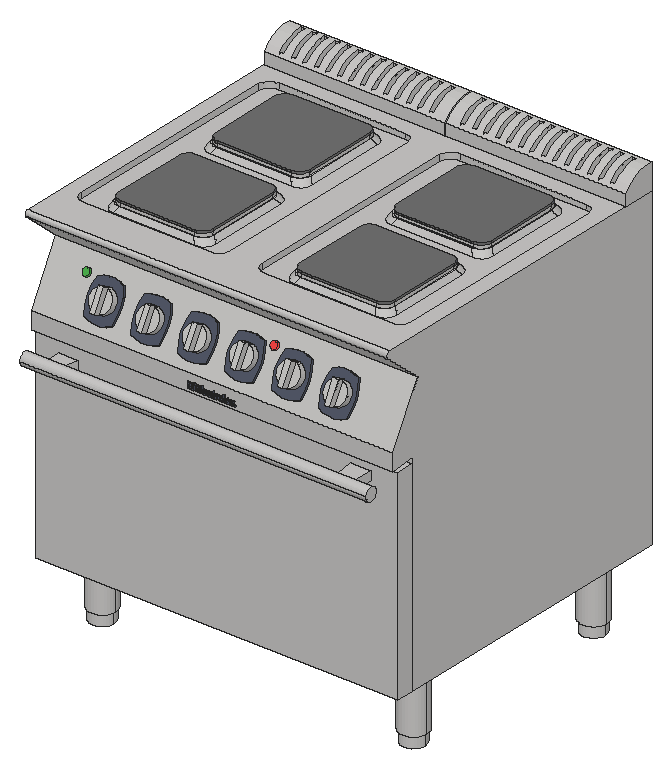
Revit family "QF_ELECTROLUXPROFESSIONAL_371150_E7ECMH4QE5", category Specialty Equipment, Revit 2018 (continued)
Automatic sketch dimensions
  Extrusion 10 sketch curve to Extrusion 10 sketch curve = 0.191 mm
  Extrusion 10 sketch curve to Extrusion 10 sketch curve = 3.696 mm
  Extrusion 10 sketch curve to Extrusion 10 sketch curve = 2.708 mm
  Extrusion 10 sketch curve to Extrusion 10 sketch curve = 3.333 mm
  Extrusion 10 sketch curve to Extrusion 10 sketch curve = 0.332 mm
  Extrusion 10 sketch curve to Extrusion 10 sketch curve = 1.087 mm
  Extrusion 10 sketch curve to Extrusion 10 sketch curve = 2.23 mm
  Extrusion 10 sketch curve to Extrusion 10 sketch curve = 2.757 mm
  Extrusion 10 sketch curve to Extrusion 10 sketch curve = 0.987 mm
  Extrusion 10 sketch curve to Extrusion 10 sketch curve = 1.529 mm
  Extrusion 10 sketch curve to Extrusion 10 sketch curve = 1.796 mm
  Extrusion 10 sketch curve to Extrusion 10 sketch curve = 2.859 mm
  Extrusion 10 sketch curve to Extrusion 10 sketch curve = 0.853 mm
  Extrusion 10 sketch curve to Extrusion 10 sketch curve = 1.241 mm
  Extrusion 10 sketch curve to Extrusion 10 sketch curve = 2.046 mm  (x2)
  Extrusion 10 sketch curve to Extrusion 10 sketch curve = 2.422 mm
  Extrusion 10 sketch curve to Extrusion 10 sketch curve = 0.27 mm  (x2)
  Extrusion 10 sketch curve to Extrusion 10 sketch curve = 0.69 mm
  Extrusion 10 sketch curve to Extrusion 10 sketch curve = 0.781 mm  (x2)
  Extrusion 10 sketch curve to Extrusion 10 sketch curve = 3.136 mm
  Extrusion 10 sketch curve to Extrusion 10 sketch curve = 1.767 mm
  Extrusion 10 sketch curve to Extrusion 10 sketch curve = 0.138 mm
  Extrusion 10 sketch curve to Extrusion 10 sketch curve = 0.777 mm
  Extrusion 10 sketch curve to Extrusion 10 sketch curve = 1.19 mm
  Extrusion 10 sketch curve to Extrusion 10 sketch curve = 0.782 mm
  Extrusion 10 sketch curve to Extrusion 10 sketch curve = 1.268 mm
  Extrusion 10 sketch curve to Extrusion 10 sketch curve = 0.422 mm  (x2)
  Extrusion 10 sketch curve to Extrusion 10 sketch curve = 1.559 mm
  Extrusion 10 sketch curve to Extrusion 10 sketch curve = 3.927 mm
  Extrusion 10 sketch curve to Extrusion 10 sketch curve = 0.983 mm
  Extrusion 10 sketch curve to Extrusion 10 sketch curve = 1.134 mm
  Extrusion 10 sketch curve to Extrusion 10 sketch curve = 0.094 mm
  Extrusion 10 sketch curve to Extrusion 10 sketch curve = 1.584 mm
  Extrusion 10 sketch curve to plane 7 "Center Y" = 1.327 mm
  Extrusion 10 sketch curve to Extrusion 10 sketch curve = 0.643 mm
  Extrusion 10 sketch curve to Extrusion 10 sketch curve = 0.916 mm
  Extrusion 10 sketch curve to Extrusion 10 sketch curve = 0.352 mm
  Extrusion 10 sketch curve to Extrusion 10 sketch curve = 0.458 mm
  Extrusion 10 sketch curve to Extrusion 10 sketch curve = 1.282 mm
  Extrusion 10 sketch curve to Extrusion 10 sketch curve = 1.363 mm
  Extrusion 10 sketch curve to Extrusion 10 sketch curve = 0.685 mm
  Extrusion 10 sketch curve to Extrusion 10 sketch curve = 0.905 mm
  Extrusion 10 sketch curve to Extrusion 10 sketch curve = 2.865 mm
  Extrusion 10 sketch curve to Extrusion 10 sketch curve = 0.472 mm
  Extrusion 10 sketch curve to Extrusion 10 sketch curve = 0.101 mm
  Extrusion 10 sketch curve to Extrusion 10 sketch curve = 0.54 mm
  Extrusion 10 sketch curve to Extrusion 10 sketch curve = 0.02 mm
  Extrusion 10 sketch curve to Extrusion 10 sketch curve = 0.468 mm
  Extrusion 10 sketch curve to Extrusion 10 sketch curve = 0.829 mm
  Extrusion 10 sketch curve to Extrusion 10 sketch curve = 0.582 mm
  Extrusion 10 sketch curve to Extrusion 10 sketch curve = 0.166 mm
  Extrusion 10 sketch curve to Extrusion 10 sketch curve = 0.16 mm
  Extrusion 10 sketch curve to Extrusion 10 sketch curve = 2.781 mm
  Extrusion 10 sketch curve to Extrusion 10 sketch curve = 1.118 mm
  Extrusion 10 sketch curve to Extrusion 10 sketch curve = 0.613 mm
  Extrusion 10 sketch curve to Extrusion 10 sketch curve = 0.361 mm
  Extrusion 10 sketch curve to Extrusion 10 sketch curve = 0.897 mm
  Extrusion 10 sketch curve to Extrusion 10 sketch curve = 0.167 mm
  Extrusion 10 sketch curve to Extrusion 10 sketch curve = 0.292 mm
  Extrusion 10 sketch curve to Extrusion 10 sketch curve = 0.305 mm
  Extrusion 10 sketch curve to Extrusion 10 sketch curve = 1.557 mm
  Extrusion 10 sketch curve to Extrusion 10 sketch curve = 2.499 mm
  Extrusion 10 sketch curve to Extrusion 10 sketch curve = 3.062 mm
  Extrusion 10 sketch curve to Extrusion 10 sketch curve = 2.968 mm
  Extrusion 10 sketch curve to Extrusion 10 sketch curve = 5.044 mm
  Extrusion 10 sketch curve to Extrusion 10 sketch curve = 0.629 mm  (x2)
  Extrusion 10 sketch curve to Extrusion 10 sketch curve = 1.131 mm
  Extrusion 10 sketch curve to Extrusion 10 sketch curve = 0.027 mm
  Extrusion 10 sketch curve to Extrusion 10 sketch curve = 2.235 mm
  Extrusion 1 sketch curve to plane 5 "FRONT" = 83.331 mm
  Extrusion 16 sketch curve to plane 10 = 0 mm
  Extrusion 16 sketch curve to plane 5 "FRONT" = 30.162 mm
  plane 10 to Extrusion 16 sketch curve = 1.281 mm
  plane 5 "FRONT" to Extrusion 16 sketch curve = 379.413 mm
  Extrusion 1 sketch curve to Extrusion 1 sketch curve = 159.719 mm
  Extrusion 1 sketch curve to Extrusion 1 sketch curve = 5.61 mm
  Extrusion 8 sketch curve to plane 9 "TOP A" = 276.291 mm
  plane 7 "Center Y" to Extrusion 10 sketch curve = 19.326 mm
  Extrusion 10 sketch curve to plane 9 "TOP A" = 240.749 mm
  Extrusion 10 sketch curve to Extrusion 10 sketch curve = 0.019 mm
  Extrusion 10 sketch curve to Extrusion 10 sketch curve = 4.098 mm
  Extrusion 16 sketch curve to Extrusion 16 sketch curve = 42.109 mm
  plane 5 "FRONT" to Extrusion 2 sketch curve = 0 mm  (x2)
  plane 1 "BACK" to Extrusion 2 sketch curve = 0 mm
  Extrusion 2 sketch curve to plane 3 "LEFT" = 0 mm
  Extrusion 2 sketch curve to plane 4 "RIGHT" = 0 mm
  Extrusion 2 sketch curve to plane 3 "LEFT" = 150.019 mm
  plane 4 "RIGHT" to Extrusion 2 sketch curve = 150.019 mm
  Extrusion 2 sketch curve to plane 1 "BACK" = 150.019 mm
  curve 6 to plane 4 "RIGHT" = 0 mm
  plane 5 "FRONT" to curve 20 = 0 mm
  curve 38 to plane 7 "Center Y" = 0 mm
  curve 16 to plane 7 "Center Y" = 0 mm
  curve 11 to plane 3 "LEFT" = 0 mm
  curve 7 to plane 3 "LEFT" = 0 mm
  plane 1 "BACK" to curve 6 = 0 mm
  plane 4 "RIGHT" to curve 3 = 150.019 mm
  plane 5 "FRONT" to curve 17 = 8.513 mm
  curve 17 to plane 4 "RIGHT" = 17.7 mm
  plane 1 "BACK" to curve 96 = 6.761 mm
  curve 96 to plane 4 "RIGHT" = 29.703 mm
  curve 32 to plane 4 "RIGHT" = 35.025 mm
  curve 95 to curve 95 = 9.296 mm
  plane 1 "BACK" to curve 99 = 6.761 mm
  curve 95 to curve 99 = 16.193 mm
  curve 33 to curve 33 = 25.4 mm
  curve 31 to curve 30 = 25.4 mm
  curve 15 to curve 20 = 43.281 mm
  curve 100 to curve 101 = 9.296 mm
  curve 101 to curve 105 = 16.193 mm
  curve 104 to curve 105 = 9.296 mm
  curve 20 to curve 21 = 36.854 mm
  curve 21 to curve 21 = 1.571 mm
  plane 1 "BACK" to curve 107 = 6.761 mm
  curve 103 to curve 107 = 16.193 mm
  curve 108 to curve 109 = 9.296 mm
  plane 1 "BACK" to curve 111 = 6.761 mm
  curve 107 to curve 111 = 16.193 mm
  curve 111 to curve 114 = 9.296 mm
  plane 1 "BACK" to curve 115 = 6.761 mm
  curve 111 to curve 115 = 16.193 mm
  curve 115 to curve 115 = 9.296 mm
  plane 1 "BACK" to curve 119 = 6.761 mm
  curve 115 to curve 119 = 16.193 mm
  curve 119 to curve 119 = 9.296 mm
  plane 1 "BACK" to curve 123 = 6.761 mm
  curve 119 to curve 123 = 16.193 mm
  curve 123 to curve 123 = 9.296 mm
  curve 125 to curve 128 = 16.193 mm
  curve 128 to curve 129 = 9.296 mm
  curve 129 to curve 133 = 16.193 mm
  curve 132 to curve 133 = 9.296 mm
  plane 1 "BACK" to curve 135 = 6.761 mm
  curve 131 to curve 135 = 16.193 mm
  curve 135 to curve 138 = 9.296 mm
  curve 137 to curve 141 = 16.193 mm
  curve 140 to curve 141 = 9.296 mm
  curve 141 to curve 144 = 16.193 mm
  curve 144 to curve 37 = 4.062 mm
  plane 7 "Center Y" to curve 34 = 60.425 mm
  curve 143 to curve 143 = 9.296 mm
  plane 1 "BACK" to curve 147 = 6.761 mm
  curve 143 to curve 147 = 16.193 mm
  curve 35 to curve 35 = 25.4 mm
  curve 148 to curve 150 = 9.296 mm
  plane 1 "BACK" to curve 91 = 6.761 mm
  curve 91 to plane 7 "Center Y" = 29.703 mm
  curve 24 to plane 7 "Center Y" = 35.025 mm
  curve 91 to curve 91 = 9.296 mm
  plane 1 "BACK" to curve 90 = 6.761 mm
  curve 91 to curve 90 = 16.193 mm
  curve 23 to curve 23 = 25.4 mm
  curve 25 to curve 25 = 25.4 mm
  curve 89 to curve 89 = 9.296 mm
  plane 1 "BACK" to curve 83 = 6.761 mm
  curve 87 to curve 83 = 16.193 mm
  curve 85 to curve 85 = 9.296 mm
  plane 1 "BACK" to curve 79 = 6.761 mm
  curve 83 to curve 79 = 16.193 mm
  curve 79 to curve 80 = 9.296 mm
  plane 1 "BACK" to curve 78 = 6.761 mm
  curve 79 to curve 78 = 16.193 mm
  curve 75 to curve 76 = 9.296 mm
  curve 76 to curve 73 = 16.193 mm
  curve 71 to curve 72 = 9.296 mm
  curve 72 to curve 70 = 16.193 mm
  curve 69 to curve 68 = 9.296 mm
  curve 68 to curve 66 = 16.193 mm
  curve 65 to curve 64 = 9.296 mm
  curve 64 to curve 62 = 16.193 mm
  curve 61 to curve 60 = 9.296 mm
  plane 1 "BACK" to curve 58 = 6.761 mm
  curve 59 to curve 58 = 16.193 mm
  curve 57 to curve 56 = 9.296 mm
  plane 1 "BACK" to curve 54 = 6.761 mm
  curve 55 to curve 54 = 16.193 mm
  curve 53 to curve 52 = 9.296 mm
  curve 19 to curve 5 = 99.406 mm
  curve 19 to curve 19 = 1.571 mm
  plane 1 "BACK" to curve 50 = 6.761 mm
  curve 51 to curve 50 = 16.193 mm
  curve 47 to curve 47 = 9.296 mm
  curve 48 to curve 46 = 16.193 mm
  curve 19 to curve 18 = 36.854 mm
  curve 45 to curve 29 = 4.062 mm
  plane 3 "LEFT" to curve 26 = 60.425 mm
  curve 45 to curve 44 = 9.296 mm
  curve 44 to curve 41 = 16.193 mm
  curve 27 to curve 27 = 25.4 mm
  curve 41 to curve 41 = 9.296 mm
  plane 3 "LEFT" to curve 17 = 17.7 mm
  plane 5 "FRONT" to curve 1 = 1.377 mm
  curve 1 to plane 3 "LEFT" = 150.019 mm
  curve 1 to plane 1 "BACK" = 150.019 mm
  plane 1 "BACK" to curve 146 = 6.761 mm
  plane 1 "BACK" to curve 142 = 6.761 mm
  plane 1 "BACK" to curve 134 = 6.761 mm
  plane 1 "BACK" to curve 130 = 6.761 mm
  plane 1 "BACK" to curve 106 = 6.761 mm
  plane 1 "BACK" to curve 39 = 6.761 mm
  plane 1 "BACK" to curve 74 = 6.761 mm
  plane 1 "BACK" to curve 43 = 6.761 mm
  plane 1 "BACK" to curve 70 = 6.761 mm
  plane 1 "BACK" to curve 66 = 6.761 mm
  plane 1 "BACK" to curve 62 = 6.761 mm
  curve 38 to curve 16 = 63.012 mm
  curve 4 to curve 7 = 63.012 mm
  curve 55 to curve 58 = 57.15 mm
  curve 54 to curve 56 = 0 mm
  curve 57 to curve 60 = 0 mm
  curve 50 to curve 52 = 0 mm
  curve 61 to curve 64 = 0 mm
  curve 46 to curve 48 = 0 mm
  curve 65 to curve 68 = 0 mm
  curve 42 to curve 44 = 0 mm
  curve 69 to curve 72 = 0 mm
  curve 16 to curve 149 = 0.898 mm
  curve 73 to curve 76 = 0 mm
  curve 148 to curve 146 = 0 mm
  curve 77 to curve 80 = 0 mm
  curve 144 to curve 142 = 0 mm
  curve 81 to curve 84 = 0 mm
  curve 140 to curve 138 = 0 mm
  curve 85 to curve 88 = 0 mm
  curve 136 to curve 134 = 0 mm
  curve 89 to curve 92 = 0 mm
  curve 132 to curve 130 = 0 mm
  curve 95 to curve 96 = 57.15 mm
  curve 100 to curve 97 = 0 mm
  curve 128 to curve 126 = 0 mm
  curve 104 to curve 101 = 0 mm
  curve 124 to curve 122 = 0 mm
  curve 108 to curve 105 = 0 mm
  curve 120 to curve 118 = 0 mm
  curve 112 to curve 109 = 0 mm
  curve 96 to curve 9 = 5.939 mm
  curve 7 to curve 9 = 0 mm
  curve 144 to curve 30 = 40.974 mm
  curve 45 to curve 22 = 40.974 mm
  curve 28 to plane 5 "FRONT" = 110.765 mm
  curve 24 to curve 36 = 0 mm
  plane 5 "FRONT" to curve 3 = 1.377 mm
  curve 15 to curve 15 = 28 mm
  curve 14 to curve 11 = 342.9 mm
  Revolve 4 sketch curve to level = 0 mm
  Revolve 4 sketch curve to plane 10 = 0 mm  (x2)
  level to Revolve 4 sketch curve = 25 mm
  Revolve 4 sketch curve to Revolve 4 sketch curve = 20 mm
  Revolve 4 sketch curve to plane 4 "RIGHT" = 26 mm
  Revolve 4 sketch curve to Revolve 4 sketch curve = 3.75 mm
  Revolve 4 sketch curve to Revolve 4 sketch curve = 30 mm
  Revolve 4 sketch curve to Revolve 4 sketch curve = 0 mm
  Revolve 6 sketch curve to level = 0 mm
  Revolve 6 sketch curve to plane 10 = 0 mm  (x2)
  level to Revolve 6 sketch curve = 25 mm
  plane 10 to Revolve 6 sketch curve = 20 mm
  Revolve 6 sketch curve to plane 4 "RIGHT" = 26 mm
  Revolve 6 sketch curve to Revolve 6 sketch curve = 3.75 mm
  Revolve 6 sketch curve to Revolve 6 sketch curve = 30 mm
  Revolve 6 sketch curve to Revolve 6 sketch curve = 0 mm
  Extrusion 9 sketch curve to plane 5 "FRONT" = 30.162 mm
  Extrusion 9 sketch curve to plane 4 "RIGHT" = 60.981 mm
  Extrusion 9 sketch curve to Extrusion 9 sketch curve = 33.993 mm
  Extrusion 9 sketch curve to Extrusion 9 sketch curve = 43.993 mm
  Extrusion 9 sketch curve to plane 5 "FRONT" = 17.462 mm
  plane 3 "LEFT" to Extrusion 9 sketch curve = 102.63 mm
  Extrusion 9 sketch curve to Extrusion 9 sketch curve = 7.656 mm
  Extrusion 9 sketch curve to Extrusion 9 sketch curve = 41.649 mm
  plane 5 "FRONT" to Extrusion 9 sketch curve = 24.013 mm  (x2)
  Extrusion 1 to Extrusion 11 sketch curve = 0 mm
  Extrusion 11 sketch curve to Extrusion 1 = 0 mm  (x2)
  Extrusion 1 to Extrusion 11 sketch curve = 12.7 mm
  Extrusion 1 to Extrusion 15 sketch curve = 40.417 mm
  Extrusion 1 to Extrusion 15 sketch curve = 85.751 mm
  Extrusion 32 sketch curve to plane 9 "TOP A" = 0 mm
  Extrusion 32 sketch curve to plane 1 "BACK" = 0 mm
  Extrusion 32 sketch curve to plane 6 "TOP" = 0 mm
  plane 1 "BACK" to Extrusion 32 sketch curve = 4.947 mm
  plane 9 "TOP A" to Extrusion 32 sketch curve = 25.4 mm
  plane 1 "BACK" to Extrusion 32 sketch curve = 69.85 mm
  Extrusion 1 to Extrusion 33 sketch curve = 6.761 mm  (x14)
  Extrusion 33 sketch curve to Extrusion 33 sketch curve = 57.15 mm
  Extrusion 33 sketch curve to Extrusion 33 sketch curve = 0 mm  (x13)
  Extrusion 1 to Extrusion 33 sketch curve = 29.703 mm
  Extrusion 33 sketch curve to Extrusion 33 sketch curve = 9.296 mm  (x14)
  Extrusion 33 sketch curve to Extrusion 33 sketch curve = 16.193 mm  (x13)
  Extrusion 1 to Extrusion 34 sketch curve = 35.025 mm
  Extrusion 34 sketch curve to Extrusion 34 sketch curve = 25.4 mm  (x6)
  Extrusion 34 sketch curve to Extrusion 34 sketch curve = 279.2 mm  (x2)
  Extrusion 34 sketch curve to Extrusion 1 = 103.443 mm
  Extrusion 34 sketch curve to Extrusion 34 sketch curve = 70.05 mm
  Extrusion 1 to Extrusion 34 sketch curve = 60.425 mm  (x2)
  Extrusion 34 sketch curve to Extrusion 1 = 78.043 mm
  Extrusion 1 to Extrusion 34 sketch curve = 130.285 mm
  Extrusion 34 sketch curve to Extrusion 34 sketch curve = 0 mm
  Extrusion 35 sketch curve to plane 9 "TOP A" = 0 mm
  Extrusion 35 sketch curve to plane 1 "BACK" = 0 mm
  Extrusion 35 sketch curve to plane 6 "TOP" = 0 mm
  plane 1 "BACK" to Extrusion 35 sketch curve = 4.947 mm
  plane 9 "TOP A" to Extrusion 35 sketch curve = 25.4 mm
  plane 1 "BACK" to Extrusion 35 sketch curve = 69.85 mm
  Extrusion 1 to Extrusion 36 sketch curve = 6.761 mm  (x14)
  Extrusion 36 sketch curve to Extrusion 36 sketch curve = 57.15 mm
  Extrusion 36 sketch curve to Extrusion 36 sketch curve = 0 mm  (x13)
  Extrusion 1 to Extrusion 36 sketch curve = 370.347 mm
  Extrusion 36 sketch curve to Extrusion 36 sketch curve = 9.296 mm  (x14)
  Extrusion 36 sketch curve to Extrusion 36 sketch curve = 16.193 mm  (x13)
  Extrusion 1 to Extrusion 37 sketch curve = 40.417 mm
  Extrusion 1 to Extrusion 37 sketch curve = 298.99 mm
  radius of Extrusion 13 sketch curve = 25.4 mm
  radius of Extrusion 14 sketch curve to Extrusion 13 = 0 mm  (x2)
  radius of Extrusion 18 sketch curve = 25.4 mm
  radius of Extrusion 19 sketch curve to Extrusion 18 = 0 mm  (x2)
  radius of Extrusion 21 sketch curve = 25.4 mm
  radius of Extrusion 22 sketch curve to Extrusion 21 = 0 mm  (x2)
  radius of Extrusion 24 sketch curve = 25.4 mm
  radius of Extrusion 25 sketch curve to Extrusion 24 = 0 mm  (x2)
  radius of Extrusion 27 sketch curve = 25.4 mm
  radius of Extrusion 28 sketch curve to Extrusion 27 = 0 mm  (x2)
  radius of Extrusion 30 sketch curve = 25.4 mm
  radius of Extrusion 31 sketch curve to Extrusion 30 = 0 mm  (x2)
  radius of Extrusion 8 sketch curve = 14 mm
  radius of Extrusion 7 sketch curve = 12.7 mm
  radius of Extrusion 15 sketch curve = 8 mm
  radius of Extrusion 37 sketch curve = 8 mm
Nested families
  nested 1: "371018_QF_Electrolux_HOT PLATES" at (85.025, -126.398, 838.3), type "371018_QF_Electrolux_HOT PLATES"
    with Type Mark "", Specification by User "", Revision Code "", Item Number "", Installed By "", Identify Quantity as Lot yes, Furnished By "", Foodservice Equipment Identifier yes
  nested 2: "371018_QF_Electrolux_HOT PLATES" at (85.025, -623.372, 838.3), type "371018_QF_Electrolux_HOT PLATES"
    with Type Mark "", Specification by User "", Revision Code "", Item Number "", Installed By "", Identify Quantity as Lot yes, Furnished By "", Foodservice Equipment Identifier yes
  nested 3: "371018_QF_Electrolux_HOT PLATES" at (715.075, -126.398, 838.3) x (-1, 0, 0) z (0, 0, 1), type "371018_QF_Electrolux_HOT PLATES"
    with Type Mark "", Specification by User "", Revision Code "", Item Number "", Installed By "", Identify Quantity as Lot yes, Furnished By "", Foodservice Equipment Identifier yes
  nested 4: "371018_QF_Electrolux_HOT PLATES" at (715.075, -623.372, 838.3) x (-1, 0, 0) z (0, 0, 1), type "371018_QF_Electrolux_HOT PLATES"
    with Type Mark "", Specification by User "", Revision Code "", Item Number "", Installed By "", Identify Quantity as Lot yes, Furnished By "", Foodservice Equipment Identifier yes
Connectors
  electrical at (752.475, -512.762, 150), driven by "Volts"
    settings: on Extrusion 7, index 1, voltage 400 V, apparent load 16400 VA, apparent load phase1 0 VA, apparent load phase2 0 VA, apparent load phase3 0 VA, power factor 1, load classification "Other", number of poles 1, system type 30, power factor state 1, is connector primary yes, connector utility no, sub classification motor no, connector description "Electrical Connection"
Definition of nested family "371018_QF_Electrolux_HOT PLATES"
  Parameters
    Width = 230 mm  # constant formula
    Weight in Pounds = 0
    URL Cutsheet = ""
    URL = ""
    Type Mark [instance] = ""
    Specification by User [instance] = ""
    Specification by Manufacturer = ""
    Serial Number = ""
    Seismic Rating = ""
    SMACNA No = ""
    Revision Code [instance] = ""
    Omniclass Number and Title = ""
    NAFEM Spec ID Number = ""
    Model = ""
    Masterspec = ""
    Manufacturer = ""
    Item Number [instance] = ""
    Installed By [instance] = ""
    Identify Quantity as Lot [instance] = yes
    Height = 23 mm  # constant formula
    Furnished By [instance] = ""
    Foodservice Equipment Identifier [instance] = yes
    Description = ""
    Depth = 230 mm  # constant formula
    CSI MasterFormat = ""
    CSI Master Format = ""
    Assembly Code = ""
  Reference planes
    plane 1 "BACK": y = 0
    plane 2: z = 0
    plane 3 "LEFT": x = 0
    plane 4 "RIGHT": x = 230
    plane 5 "FRONT": y = -230
    plane 6 "TOP": z = 23
    plane 7 "Center Y": x = 115
    plane 8 "Center X": y = -115
  Forms (mm)
    Extrusion 1, solid
      sketch origin (-72.525, 113.875, 19.181) x (1, 0, 0) y (0, 1, 0)
        loop
          arc (82.823, -310.573) -> (89.325, -326.271) -> (105.023, -332.773) r 22.2
          line (105.023, -332.773) -> (269.223, -332.773)
          arc (269.223, -332.773) -> (284.921, -326.271) -> (291.423, -310.573) r 22.2
          line (291.423, -310.573) -> (291.423, -146.373)
          arc (291.423, -146.373) -> (284.921, -130.675) -> (269.223, -124.173) r 22.2
          line (269.223, -124.173) -> (105.023, -124.173)
          arc (105.023, -124.173) -> (89.325, -130.675) -> (82.823, -146.373) r 22.2
          line (82.823, -146.373) -> (82.823, -310.573)
      from 0 to 3.819
    Blend 2, solid
      base sketch origin (-72.525, 113.875, 0) x (1, 0, 0) y (0, 1, 0)
        loop
          arc (97.925, -113.875) -> (79.964, -121.314) -> (72.525, -139.275) r 25.4
          line (72.525, -139.275) -> (72.525, -318.475)
          arc (72.525, -318.475) -> (79.964, -336.436) -> (97.925, -343.875) r 25.4
          line (97.925, -343.875) -> (277.125, -343.875)
          arc (277.125, -343.875) -> (295.086, -336.436) -> (302.525, -318.475) r 25.4
          line (302.525, -318.475) -> (302.525, -139.275)
          arc (302.525, -139.275) -> (295.086, -121.314) -> (277.125, -113.875) r 25.4
          line (277.125, -113.875) -> (97.925, -113.875)
      top sketch origin (-72.525, 113.875, 0) x (1, 0, 0) y (0, 1, 0)
        loop
          line (105.023, -335.973) -> (269.223, -335.973)
          arc (269.223, -335.973) -> (287.183, -328.533) -> (294.623, -310.573) r 25.4
          line (294.623, -310.573) -> (294.623, -146.373)
          arc (294.623, -146.373) -> (287.183, -128.412) -> (269.223, -120.973) r 25.4
          line (269.223, -120.973) -> (105.023, -120.973)
          arc (105.023, -120.973) -> (87.062, -128.412) -> (79.623, -146.373) r 25.4
          line (79.623, -146.373) -> (79.623, -310.573)
          arc (79.623, -310.573) -> (87.062, -328.533) -> (105.023, -335.973) r 25.4
      from 0 to 11.731
    Extrusion 3, solid
      sketch origin (-72.525, 113.875, 11.731) x (1, 0, 0) y (0, 1, 0)
        loop
          line (105.023, -332.773) -> (269.223, -332.773)
          arc (269.223, -332.773) -> (284.921, -326.271) -> (291.423, -310.573) r 22.2
          line (291.423, -310.573) -> (291.423, -146.373)
          arc (291.423, -146.373) -> (284.921, -130.675) -> (269.223, -124.173) r 22.2
          line (269.223, -124.173) -> (105.023, -124.173)
          arc (105.023, -124.173) -> (89.325, -130.675) -> (82.823, -146.373) r 22.2
          line (82.823, -146.373) -> (82.823, -310.573)
          arc (82.823, -310.573) -> (89.325, -326.271) -> (105.023, -332.773) r 22.2
      from 0 to 7.45
  Lines and regions (mm)
    symbolic lines
      curve 1: arc (0, -25.4, 0) -> (7.439, -7.439, 0) -> (25.4, 0, 0) r 25.4
      curve 2: line (25.4, 0, 0) -> (204.6, 0, 0)
      curve 3: arc (204.6, 0, 0) -> (222.561, -7.439, 0) -> (230, -25.4, 0) r 25.4
      curve 4: line (230, -25.4, 0) -> (230, -204.6, 0)
      curve 5: line (0, -204.6, 0) -> (0, -25.4, 0)
      curve 6: arc (25.4, -230, 0) -> (7.439, -222.561, 0) -> (0, -204.6, 0) r 25.4
      curve 7: line (204.6, -230, 0) -> (25.4, -230, 0)
      curve 8: arc (230, -204.6, 0) -> (222.561, -222.561, 0) -> (204.6, -230, 0) r 25.4
      curve 9: line (196.698, -7.098, 0) -> (32.498, -7.098, 0)
      curve 10: arc (32.498, -7.098, 0) -> (14.537, -14.537, 0) -> (7.098, -32.498, 0) r 25.4
      curve 11: line (7.098, -32.498, 0) -> (7.098, -196.698, 0)
      curve 12: arc (7.098, -196.698, 0) -> (14.537, -214.658, 0) -> (32.498, -222.098, 0) r 25.4
      curve 13: line (32.498, -222.098, 0) -> (196.698, -222.098, 0)
      curve 14: arc (196.698, -222.098, 0) -> (214.658, -214.658, 0) -> (222.098, -196.698, 0) r 25.4
      curve 15: line (222.098, -196.698, 0) -> (222.098, -32.498, 0)
      curve 16: arc (222.098, -32.498, 0) -> (214.658, -14.537, 0) -> (196.698, -7.098, 0) r 25.4
      curve 17: line (196.698, -10.298, 0) -> (32.498, -10.298, 0)
      curve 18: arc (32.498, -10.298, 0) -> (16.8, -16.8, 0) -> (10.298, -32.498, 0) r 22.2
      curve 19: line (10.298, -32.498, 0) -> (10.298, -196.698, 0)
      curve 20: arc (10.298, -196.698, 0) -> (16.8, -212.396, 0) -> (32.498, -218.898, 0) r 22.2
      curve 21: line (32.498, -218.898, 0) -> (196.698, -218.898, 0)
      curve 22: arc (196.698, -218.898, 0) -> (212.396, -212.396, 0) -> (218.898, -196.698, 0) r 22.2
      curve 23: line (218.898, -196.698, 0) -> (218.898, -32.498, 0)
      curve 24: arc (218.898, -32.498, 0) -> (212.396, -16.8, 0) -> (196.698, -10.298, 0) r 22.2
  Dimensions and locks
    equal spacing: plane 3 "LEFT", plane 7 "Center Y", plane 4 "RIGHT"
    "Width": plane 3 "LEFT" to plane 4 "RIGHT"
    equal spacing: plane 5 "FRONT", plane 8 "Center X", plane 1 "BACK"
    "Depth": plane 5 "FRONT" to plane 1 "BACK"
    plane 1 "BACK" to plane 5 "FRONT" = 230 mm
    "Height": plane 6 "TOP" to level
    aligned and locked: level to plane 2
  Automatic sketch dimensions
    Blend 2 sketch curve to plane 3 "LEFT" = 0 mm
    plane 1 "BACK" to Blend 2 sketch curve = 0 mm
    plane 5 "FRONT" to Blend 2 sketch curve = 0 mm
    Blend 2 sketch curve to plane 4 "RIGHT" = 0 mm
    plane 3 "LEFT" to Blend 2 sketch curve = 25.4 mm  (x2)
    Blend 2 sketch curve to plane 4 "RIGHT" = 25.4 mm  (x2)
    plane 3 "LEFT" to Blend 2 sketch curve = 7.098 mm
    plane 1 "BACK" to Blend 2 sketch curve = 7.098 mm
    plane 3 "LEFT" to Blend 2 sketch curve = 32.498 mm
    Blend 2 sketch curve to Blend 2 sketch curve = 25.4 mm
    Blend 2 sketch curve to plane 5 "FRONT" = 7.902 mm
    Blend 2 sketch curve to plane 4 "RIGHT" = 33.302 mm  (x2)
    Blend 2 sketch curve to plane 4 "RIGHT" = 7.902 mm
    Extrusion 3 sketch curve to Extrusion 3 sketch curve = 22.2 mm
    Extrusion 3 sketch curve to Blend 2 = 25.4 mm
    Extrusion 1 sketch curve to Extrusion 3 = 22.2 mm
    Extrusion 1 sketch curve to Extrusion 1 sketch curve = 22.2 mm
    curve 1 to plane 3 "LEFT" = 0 mm
    plane 1 "BACK" to curve 1 = 0 mm
    plane 3 "LEFT" to curve 1 = 25.4 mm
    curve 2 to plane 4 "RIGHT" = 25.4 mm
    curve 3 to plane 4 "RIGHT" = 0 mm
    curve 4 to plane 5 "FRONT" = 25.4 mm
    curve 5 to plane 5 "FRONT" = 25.4 mm
    plane 5 "FRONT" to curve 6 = 0 mm
    plane 3 "LEFT" to curve 11 = 7.098 mm
    curve 6 to curve 13 = 7.098 mm
    plane 1 "BACK" to curve 10 = 7.098 mm
    curve 1 to curve 10 = 7.098 mm
    curve 14 to curve 7 = 7.902 mm
    curve 16 to curve 3 = 7.902 mm
    curve 16 to plane 4 "RIGHT" = 7.902 mm
    curve 13 to plane 5 "FRONT" = 7.902 mm
    curve 10 to curve 18 = 0 mm  (x2)
    curve 12 to curve 20 = 0 mm  (x2)
    curve 14 to curve 22 = 0 mm  (x2)
    curve 16 to curve 24 = 0 mm
    curve 10 to curve 19 = 3.2 mm
    radius of Extrusion 3 sketch curve to Blend 2 = 3.2 mm  (x2)
    radius of Extrusion 1 sketch curve to Extrusion 3 = 0 mm  (x2)
